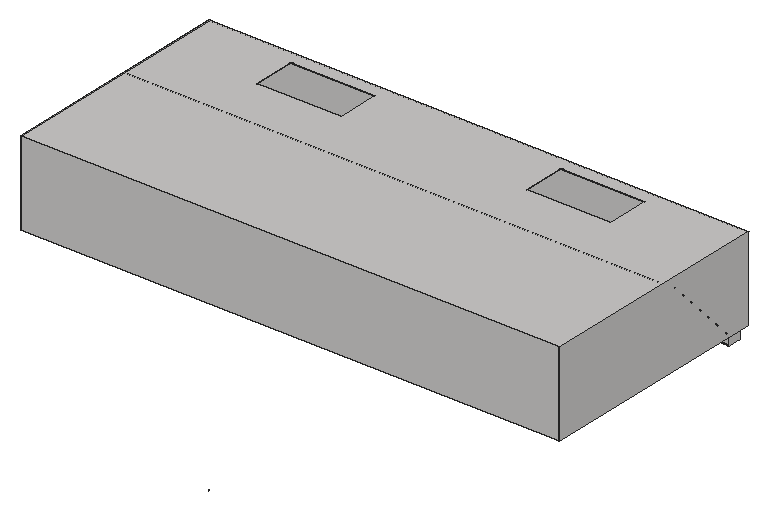
Revit family "QF_ELECTROLUXPROFESSIONAL_642027_EP1432T", category Specialty Equipment, Revit 2014
Reference planes
  plane 1: z = 0
  plane 2 "Center (Left/Right)": x = 150
  plane 3 "LEFT": x = -1450
  plane 4 "RIGHT": x = 1750
  plane 5 "BACK": y = 550
  plane 6 "TOP": z = 2500
  plane 7 "Base": z = 2000
  plane 8: z = 1926
  plane 9 "DrainY": y = 485
  plane 10: x = -1447
  plane 11: through (0, 414.509, 2000.8) normal (0, 0.7314, 0.682)
  plane 12: y = 470
  plane 13: y = 220
  plane 14 "DrainX": x = 1630
  plane 15: x = -400
  plane 16: x = 700
  plane 17: x = -900
  plane 18: x = 1200
  plane 19: x = 1747
  plane 20: x = 1540
  plane 21: x = 1720
  plane 22: x = -1410
  plane 23: x = -1045
  plane 24: x = -650
  plane 25: x = 1710
  plane 26: x = 1345
  plane 27: x = 950
  plane 28: y = -150
  plane 29: y = -850
Forms (mm)
  Extrusion 1, solid, material "QF_Finishes_Stainless Steel"
    sketch origin (-1450, 0, 360) x (0, 1, 0) y (0, 0, 1)
      loop
        line (550, 1640) -> (550, 2140) -> (-850, 2140) -> (-850, 1640) -> (550, 1640)
    from 0 to 3
  Extrusion 2, solid, material "QF_Finishes_Stainless Steel"
    sketch origin (150, 0, 360) x (0, 1, 0) y (0, 0, 1)
      loop
        line (415.255, 1640) -> (550, 1640) -> (550, 2139.19) -> (549.2, 2139.19) -> (549.2, 1640.8) -> (415.876, 1640.8) -> (339.347, 1722.867) -> (349.609, 1732.436) -> (348.927, 1733.167) -> (337.934, 1722.917) -> (415.255, 1640)
      loop
        line (-82.203, 2139.19) -> (-82.203, 2118.6) -> (-31.047, 2118.6) -> (34.354, 2048.466) -> (46.028, 2059.352) -> (45.346, 2060.083) -> (34.403, 2049.879) -> (-30.612, 2119.6) -> (-81.203, 2119.6) -> (-81.203, 2139.19) -> (-82.203, 2139.19)
    from -1597 to 1597
  Extrusion 3, solid, material "QF_Finishes_Stainless Steel"
    sketch origin (1750, 0, 360) x (0, 1, 0) y (0, 0, 1)
      loop
        line (550, 1640) -> (550, 2140) -> (-850, 2140) -> (-850, 1640) -> (550, 1640)
    from 0 to -3
  Extrusion 4, solid, material "QF_Finishes_Stainless Steel"
    sketch origin (150, 0, 360) x (0, 1, 0) y (0, 0, 1)
      loop
        line (-850, 2140) -> (-850, 1640) -> (-849.2, 1640) -> (-849.2, 2139.19) -> (550, 2139.19) -> (550, 2140) -> (-850, 2140)
    from -1600 to 1600
  Extrusion 5, solid, material "QF_Finishes_Stainless Steel"
    sketch origin (150, 0, 360) x (0, 1, 0) y (0, 0, 1)
      loop
        line (534, 1640) -> (436, 1640) -> (436, 1627) -> (443.5, 1627) -> (443.5, 1576)
        arc (443.5, 1576) -> (446.429, 1568.929) -> (453.5, 1566) r 10
        line (453.5, 1566) -> (516.5, 1566)
        arc (516.5, 1566) -> (523.571, 1568.929) -> (526.5, 1576) r 10
        line (526.5, 1576) -> (526.5, 1627) -> (534, 1627) -> (534, 1640)
    from 1390 to 1570
  Extrusion 6, solid, material "QF_Finishes_Stainless Steel"
    sketch origin (0, 0, 2000) x (0, 1, 0) y (-1, 0, 0)
      loop
        circle (485, -1630) r 20
    from -76 to -74
  Extrusion 7, solid, material "QF_Finished_Chrome"
    sketch origin (150, 0, 360) x (0, 1, 0) y (0, 0, 1)
      loop
        line (337.934, 1722.917) -> (341.591, 1726.327) -> (38.011, 2051.876) -> (34.354, 2048.466) -> (337.934, 1722.917)
    from -1195 to -1560
  Extrusion 8, solid, material "QF_Finished_Chrome"
    sketch origin (150, 0, 360) x (0, 1, 0) y (0, 0, 1)
      loop
        line (337.934, 1722.917) -> (341.591, 1726.327) -> (38.011, 2051.876) -> (34.354, 2048.466) -> (337.934, 1722.917)
    from 800 to -800
  Extrusion 9, solid, material "QF_Finishes_Stainless Steel"
    sketch origin (150, 0, 360) x (0, 1, 0) y (0, 0, 1)
      loop
        line (337.934, 1722.917) -> (341.591, 1726.327) -> (38.011, 2051.876) -> (34.354, 2048.466) -> (337.934, 1722.917)
    from 1597 to 1560
  Extrusion 10, solid, material "QF_Finishes_Stainless Steel"
    sketch origin (150, 0, 360) x (0, 1, 0) y (0, 0, 1)
      loop
        line (341.588, 1726.324) -> (38.009, 2051.874) -> (34.354, 2048.466) -> (337.934, 1722.917) -> (341.588, 1726.324)
    from -1195 to -800
  Extrusion 11, solid, material "QF_Finished_Chrome"
    sketch origin (150, 0, 360) x (0, 1, 0) y (0, 0, 1)
      loop
        line (341.588, 1726.324) -> (38.009, 2051.874) -> (34.354, 2048.466) -> (337.934, 1722.917) -> (341.588, 1726.324)
    from 1195 to 1560
  Extrusion 12, void
    sketch origin (0, 0, 2500) x (0, 1, 0) y (-1, 0, 0)
      loop
        line (470, 900) -> (220, 900) -> (220, 400) -> (470, 400) -> (470, 900)
    from 0 to -10
  Extrusion 13, void
    sketch origin (940, 0, 2500) x (0, 1, 0) y (-1, 0, 0)
      loop
        line (470, 240) -> (220, 240) -> (220, -260) -> (470, -260) -> (470, 240)
    from 0 to -10
  Extrusion 14, solid, material "QF_Finishes_Stainless Steel"
    sketch origin (0, 0, 0) x (1, 0, 0) y (0, 1, 0)
      loop
        line (-1450, 550) -> (-1450, 549) -> (-1449, 549) -> (-1449, 550) -> (-1450, 550)
    from 0 to 1
  Extrusion 15, solid, material "QF_Finishes_Stainless Steel"
    sketch origin (150, 0, 360) x (0, 1, 0) y (0, 0, 1)
      loop
        line (337.934, 1722.917) -> (341.591, 1726.327) -> (38.011, 2051.876) -> (34.354, 2048.466) -> (337.934, 1722.917)
    from -1560 to -1597
  Extrusion 16, solid, material "QF_Finishes_Stainless Steel"
    sketch origin (150, 0, 360) x (0, 1, 0) y (0, 0, -1)
      loop
        line (341.588, -1726.324) -> (337.934, -1722.917) -> (34.354, -2048.466) -> (38.009, -2051.874) -> (341.588, -1726.324)
    from -1195 to -800
Cuts and joins
  Extrusion 12, Extrusion 13 cuts Extrusion 4
  joined: Extrusion 2, Extrusion 4
Lines and regions (mm)
  reference lines
    curve 1: line (150, 34.354, 2408.466) -> (150, 34.354, 2248.466)
  symbolic lines, style "SpecialityEquipment", detail levels coarse
    curve 2: line (1750, 550, 2500) -> (-1450, 550, 2500)
    curve 3: line (-1450, 550, 2500) -> (-1450, -850, 2500)
    curve 4: line (1750, -850, 2500) -> (1750, 550, 2500)
    curve 5: line (-1450, -850, 2500) -> (1750, -850, 2500)
    curve 6: line (-900, 220, 2500) -> (-400, 220, 2500)
    curve 7: line (-900, 470, 2500) -> (-900, 220, 2500)
    curve 8: line (-400, 470, 2500) -> (-900, 470, 2500)
    curve 9: line (-400, 220, 2500) -> (-400, 470, 2500)
    curve 10: line (700, 470, 2500) -> (700, 220, 2500)
    curve 11: line (700, 220, 2500) -> (1200, 220, 2500)
    curve 12: line (1200, 470, 2500) -> (700, 470, 2500)
    curve 13: line (1200, 220, 2500) -> (1200, 470, 2500)
    curve 14: line (-1450, 550, 0) -> (1750, -850, 0)
    curve 15: line (1750, 550, 0) -> (-1450, -850, 0)
Dimensions and locks
  plane 3 "LEFT" to plane 4 "RIGHT" = 3200 mm
  equal spacing: plane 3 "LEFT", plane 2 "Center (Left/Right)", plane 4 "RIGHT"
  plane 7 "Base" to plane 8 = 74 mm
  plane 5 "BACK" to plane 9 "DrainY" = 65 mm  (x2)
  plane 3 "LEFT" to plane 10 = 3 mm
  plane 5 "BACK" to plane 12 = 80 mm
  plane 12 to plane 13 = 250 mm  (x2)
  plane 14 "DrainX" to plane 4 "RIGHT" = 120 mm
  locked: plane 15 to plane 16 at 1100
  equal spacing: plane 15, plane 2 "Center (Left/Right)", plane 16
  plane 17 to plane 15 = 500 mm
  plane 16 to plane 18 = 500 mm
  plane 19 to plane 4 "RIGHT" = 3 mm
  locked: plane 20 to plane 14 "DrainX" at 90
  locked: plane 14 "DrainX" to plane 21 at 90
  plane 12 to plane 5 "BACK" = 80 mm
  locked: plane 3 "LEFT" to plane 22 at 40
  locked: plane 22 to plane 23 at 365
  locked: plane 23 to plane 24 at 395
  locked: plane 25 to plane 26 at 365
  locked: plane 26 to plane 27 at 395
  locked: plane 25 to plane 4 "RIGHT" at 40
  plane 24 to plane 27 = 1600 mm
  locked: plane 7 "Base" to level at 2000
  locked: plane 6 "TOP" to plane 7 "Base" at 500
  plane 5 "BACK" to plane 29 = 1400 mm  (x2)
  equal spacing: plane 5 "BACK", plane 28, plane 29
  aligned and locked: level to plane 1
  aligned and locked: Extrusion 2 to Extrusion 1
  aligned and locked: Extrusion 2 to Extrusion 3
  aligned and locked: plane 4 "RIGHT" to Extrusion 4
  aligned and locked: Extrusion 4 to plane 3 "LEFT"
  aligned and locked: plane 19 to Extrusion 9
  aligned and locked: plane 17 to Extrusion 12
  aligned and locked: Extrusion 12 to plane 15
  aligned and locked: Extrusion 12 to plane 13
  aligned and locked: Extrusion 12 to plane 12
  aligned and locked: Extrusion 13 to plane 18
  aligned and locked: plane 16 to Extrusion 13
  aligned and locked: Extrusion 2 to Extrusion 4
  aligned and locked: plane 21 to Extrusion 5
  aligned and locked: Extrusion 5 to plane 20
  aligned and locked: Extrusion 9 to plane 25
  aligned and locked: Extrusion 11 to plane 25
  aligned and locked: Extrusion 11 to plane 26
  aligned and locked: Extrusion 8 to plane 27
  aligned and locked: Extrusion 8 to plane 24
  aligned and locked: plane 24 to Extrusion 10
  aligned and locked: Extrusion 10 to plane 23
  aligned and locked: plane 23 to Extrusion 7
  aligned and locked: Extrusion 7 to plane 22
  aligned and locked: Extrusion 15 to plane 10
  aligned and locked: plane 22 to Extrusion 15
  aligned and locked: Extrusion 16 to plane 27
  aligned and locked: Extrusion 16 to plane 26
  aligned and locked: Extrusion 3 to plane 19
Automatic sketch dimensions
  curve 5 to plane 3 "LEFT" = 0 mm
  curve 9 to plane 13 = 0 mm
  curve 10 to plane 13 = 0 mm
  plane 12 to curve 8 = 0 mm
  plane 12 to curve 12 = 0 mm
  curve 3 to plane 5 "BACK" = 0 mm
  curve 5 to plane 4 "RIGHT" = 0 mm
  curve 11 to plane 18 = 0 mm
  curve 10 to plane 16 = 0 mm
  curve 6 to plane 15 = 0 mm
  curve 6 to plane 17 = 0 mm
  Extrusion 1 sketch curve to plane 7 "Base" = 0 mm
  Extrusion 1 sketch curve to plane 5 "BACK" = 0 mm
  Extrusion 1 sketch curve to plane 6 "TOP" = 0 mm
  Extrusion 2 sketch curve to plane 11 = 0 mm  (x3)
  Extrusion 2 sketch curve to plane 7 "Base" = 0 mm
  plane 11 to Extrusion 2 sketch curve = 0 mm
  Extrusion 2 sketch curve to plane 5 "BACK" = 0 mm
  Extrusion 2 sketch curve to Extrusion 2 sketch curve = 65.646 mm
  Extrusion 2 sketch curve to Extrusion 2 sketch curve = 0.682 mm  (x2)
  Extrusion 2 sketch curve to Extrusion 2 sketch curve = 10.261 mm
  plane 7 "Base" to Extrusion 2 sketch curve = 82.917 mm
  Extrusion 2 sketch curve to Extrusion 2 sketch curve = 10.942 mm
  Extrusion 2 sketch curve to Extrusion 2 sketch curve = 0.049 mm
  Extrusion 2 sketch curve to plane 6 "TOP" = 20.4 mm
  Extrusion 2 sketch curve to plane 6 "TOP" = 21.4 mm
  Extrusion 2 sketch curve to plane 6 "TOP" = 0.81 mm  (x2)
  Extrusion 2 sketch curve to Extrusion 2 sketch curve = 50.156 mm
  Extrusion 2 sketch curve to Extrusion 2 sketch curve = 1 mm
  plane 7 "Base" to Extrusion 2 sketch curve = 0.8 mm
  Extrusion 2 sketch curve to plane 5 "BACK" = 0.8 mm
  Extrusion 3 sketch curve to plane 7 "Base" = 0 mm
  Extrusion 3 sketch curve to plane 5 "BACK" = 0 mm
  Extrusion 3 sketch curve to plane 6 "TOP" = 0 mm
  Extrusion 4 sketch curve to plane 5 "BACK" = 0 mm
  Extrusion 4 sketch curve to plane 6 "TOP" = 0 mm
  Extrusion 4 sketch curve to plane 6 "TOP" = 0.81 mm
  curve 1 to plane 11 = 0 mm
  Extrusion 5 sketch curve to plane 7 "Base" = 0 mm
  Extrusion 5 sketch curve to plane 8 = 0 mm
  Extrusion 5 sketch curve to plane 7 "Base" = 13 mm  (x2)
  plane 12 to Extrusion 5 sketch curve = 34 mm
  Extrusion 5 sketch curve to Extrusion 5 sketch curve = 7.5 mm  (x2)
  Extrusion 5 sketch curve to Extrusion 5 sketch curve = 10 mm
  plane 9 "DrainY" to Extrusion 5 sketch curve = 31.5 mm
  Extrusion 5 sketch curve to plane 5 "BACK" = 23.5 mm
  Extrusion 6 sketch curve to plane 9 "DrainY" = 0 mm
  Extrusion 6 sketch curve to plane 14 "DrainX" = 0 mm
  Extrusion 7 sketch curve to plane 11 = 0 mm  (x2)
  Extrusion 7 sketch curve to Extrusion 7 sketch curve = 3.657 mm
  plane 7 "Base" to Extrusion 7 sketch curve = 82.917 mm
  Extrusion 8 sketch curve to plane 11 = 0 mm  (x2)
  Extrusion 8 sketch curve to Extrusion 8 sketch curve = 3.657 mm
  plane 7 "Base" to Extrusion 8 sketch curve = 82.917 mm
  Extrusion 9 sketch curve to plane 11 = 0 mm  (x2)
  Extrusion 9 sketch curve to Extrusion 9 sketch curve = 3.657 mm
  plane 7 "Base" to Extrusion 9 sketch curve = 82.917 mm
  Extrusion 10 sketch curve to plane 11 = 0 mm  (x2)
  Extrusion 10 sketch curve to Extrusion 10 sketch curve = 3.655 mm
  plane 7 "Base" to Extrusion 10 sketch curve = 82.917 mm
  Extrusion 11 sketch curve to plane 11 = 0 mm  (x2)
  Extrusion 11 sketch curve to Extrusion 11 sketch curve = 3.655 mm
  plane 7 "Base" to Extrusion 11 sketch curve = 82.917 mm
  Extrusion 12 sketch curve to plane 13 = 0 mm
  plane 12 to Extrusion 12 sketch curve = 0 mm
  Extrusion 12 sketch curve to plane 15 = 0 mm
  Extrusion 12 sketch curve to plane 17 = 0 mm
  Extrusion 13 sketch curve to plane 13 = 0 mm
  plane 12 to Extrusion 13 sketch curve = 0 mm
  Extrusion 13 sketch curve to plane 18 = 0 mm
  Extrusion 13 sketch curve to plane 16 = 0 mm
  Extrusion 14 sketch curve to plane 3 "LEFT" = 0 mm
  Extrusion 14 sketch curve to plane 5 "BACK" = 0 mm
  plane 3 "LEFT" to Extrusion 14 sketch curve = 1 mm
  Extrusion 14 sketch curve to plane 5 "BACK" = 1 mm
  Extrusion 15 sketch curve to plane 11 = 0 mm  (x2)
  Extrusion 15 sketch curve to Extrusion 15 sketch curve = 3.657 mm
  plane 7 "Base" to Extrusion 15 sketch curve = 82.917 mm
  Extrusion 16 sketch curve to plane 11 = 0 mm  (x2)
  Extrusion 16 sketch curve to Extrusion 16 sketch curve = 3.655 mm
  plane 7 "Base" to Extrusion 16 sketch curve = 82.917 mm
  Extrusion 4 sketch curve to Extrusion 4 sketch curve = 499.19 mm
  curve 1 to curve 1 = 160 mm
  Extrusion 4 sketch curve to Extrusion 4 sketch curve = 0.8 mm
  curve 5 to plane 13 = 1070 mm
  Extrusion 1 sketch curve to plane 13 = 1070 mm
  Extrusion 2 sketch curve to plane 6 "TOP" = 91.534 mm
  Extrusion 3 sketch curve to plane 13 = 1070 mm
  Extrusion 4 sketch curve to plane 13 = 1069.2 mm
  curve 1 to plane 13 = 185.646 mm
  Extrusion 7 sketch curve to plane 6 "TOP" = 88.124 mm
  Extrusion 8 sketch curve to plane 6 "TOP" = 88.124 mm
  Extrusion 9 sketch curve to plane 6 "TOP" = 88.124 mm
  Extrusion 10 sketch curve to plane 6 "TOP" = 88.126 mm
  Extrusion 11 sketch curve to plane 6 "TOP" = 88.126 mm
  Extrusion 15 sketch curve to plane 6 "TOP" = 88.124 mm
  Extrusion 16 sketch curve to plane 6 "TOP" = 88.126 mm
  curve 15 to plane 3 "LEFT" = 0 mm
  curve 14 to plane 3 "LEFT" = 0 mm
  curve 15 to plane 4 "RIGHT" = 0 mm
  curve 14 to plane 4 "RIGHT" = 0 mm
  plane 29 to curve 14 = 0 mm
  plane 29 to curve 15 = 0 mm
  curve 15 to plane 5 "BACK" = 0 mm
  curve 14 to plane 5 "BACK" = 0 mm
  radius of Extrusion 6 sketch curve = 20 mm
Connectors
  piping at (1630, 485, 1924), diameter 20
    settings: on Extrusion 6, index 1, connector inside diameter 609.6 mm, connector length 0 mm, flow factor 0, pipe flow 0.0 L/s, pressure drop 0.0 Pa, fitting loss kfactor 0, connector angle 0.00°, fixture units 0, engagement length 0 mm, angle of deflection 0.00°, flow configuration 1, flow direction 2, fitting loss method 0, system type 16, joint type 0, gender type 0, connector reference index -1, connector utility 0, adjustable connector no, is connector primary yes, connector description "Drain"
  hvac at (-650, 345, 2500)
    settings: on Extrusion 12, index 2, duct flow 0.0 L/s, flow factor 0, pres drop 0.0 Pa, loss coef 0, conn angle 0.00°, conn width 250 mm, conn height 500 mm, conn diameter 609.6 mm, duct sys type 3, conn prof type 1, flow config 1, flow direction 0, loss method 0, conn ref index -1, conn util no, is conn primary yes, conn desc "EXHAUST OUTLET"
  hvac at (950, 345, 2500)
    settings: on Extrusion 13, index 3, duct flow 0.0 L/s, flow factor 0, pres drop 0.0 Pa, loss coef 0, conn angle 0.00°, conn width 250 mm, conn height 500 mm, conn diameter 609.6 mm, duct sys type 3, conn prof type 1, flow config 1, flow direction 0, loss method 0, conn ref index -1, conn util no, is conn primary no, conn desc "EXHAUST OUTLET"
